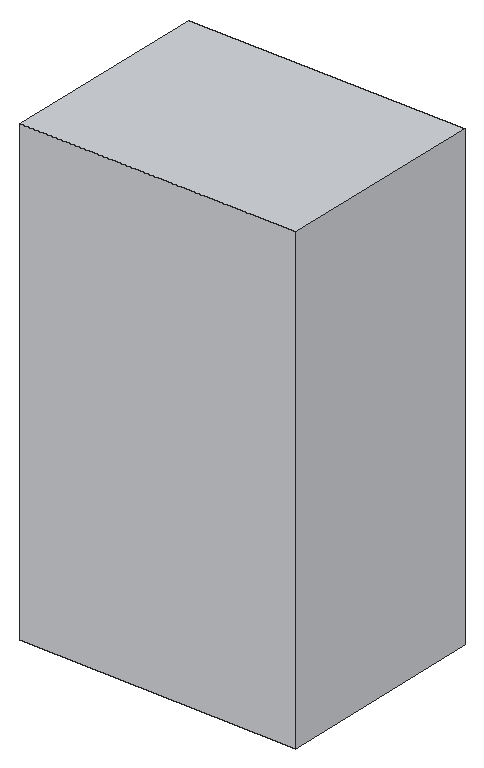
Revit family
Parameters
  Warranty Duration (Years) = 0
  Unit Length [instance] = 1' - 6"
  Unit Depth [instance] = 0' - 6"
  URL = "http://www.americanspecialties.com/viewCategories.cfm"
  Test Data = ""
  Specification = "http://www.arcat.com/sdspecs/htm/10810asi.htm"
  SpecWizard = ""
  Body Material = Metal - Stainless Steel
  Send Message = "http://www.arcat.com/users.pl?action=UserEmail&company=American%20Specialties,%20Inc.&coid=30448&rep=139&fax=914-476-0688&mf="
  Sales Information = "http://www.americanspecialties.com/contact"
  Revision = "R1_10-2010"
  Product Properties = "http://www.americanspecialties.com/datasheets/0690.pdf"
  Product Data = "http://www.arcat.com/arcatcos/cos30/arc30448.html"
  Model = "As Specified in 10 28 13"
  Manufacturer Website = "http://www.americanspecialties.com/viewCategories.cfm"
  Manufacturer Phone - Toll Free = ""
  Manufacturer Phone = "914-476-9000 "
  Manufacturer Fax = "914-476-0688"
  Manufacturer Address = "441 Saw Mill River Rd., Yonkers, NY 10701"
  Manufacturer = "American Specialties, Inc."
  Maintenance Schedule (Months) = 0
  Keynote = "10 28 13"
  Installation-Fabrication = "http://www.americanspecialties.com/products.cfm"
  Green Building-LEED = ""
  Expected Lifespan (Years) = 0
  Drawn By = "Robert S. Weygant. CSI, CDT, SCIP"  # constant formula
  Description = "Toilet Accessory as Specified in 10 28 13"
  Default Elevation = 4' - 0"
  Copyright = "©Arcat Inc."
  Construction Details = "http://www.arcat.com/green/clients/leed_data_30448.html"
  Building Codes = "http://www.americanspecialties.com/products.cfm"
  Assembly Code = "C1030210"
Reference planes (in)
  plane 1 "Center (Front/Back)": y = -0.29112
  plane 2 "Floor Line": z = 0
  plane 3 "Center (Left/Right)": x = -0.65843
  plane 4: x = -9.65843
  plane 5: x = -9.22093
  plane 6: x = -8.97093
  plane 7: x = 8.34157
  plane 8: x = 7.90407
  plane 9: x = 7.65407
  plane 10: z = 0.4375
  plane 11: z = 0
  plane 12: z = 0.6875
  plane 13: z = 5.3125
  plane 14: z = 5.5625
  plane 15: z = 6
Forms (in)
  Extrusion 1, solid
    sketch origin (-3, -9, -6) x (0, 0, -1) y (1, 0, 0)
      loop
        line (-82, 26) -> (-82, -19.34712) -> (-6, -19.34712) -> (-6, 26) -> (-82, 26)
    from 9 to -25.60721
  Extrusion 2, solid, material "Metal - Stainless Steel" <- "Body Material"
    sketch origin (-0.65843, 0.36513, 2.48171) x (0, 0, -1) y (0, 1, 0)
      loop
        line (2.48171, 0) -> (-3.51829, 0) -> (-3.51829, -0.61309) -> (2.48171, -1.3125) -> (2.48171, 0)
    from -9 to 9
  SweptBlend 3, void
    path origin (0, -0.82237, 3) x (1, 0, 0) y (0, 1, 0)
      loop
        line (-0.65843, 1.1875) -> (-0.65843, 0.9375)
    profile origin (-0.65843, 0.36513, 3) x (1, 0, 0) y (0, 0, 1)
      loop
        line (-8.5625, -2.5625) -> (8.5625, -2.5625) -> (8.5625, 2.5625) -> (-8.5625, 2.5625) -> (-8.5625, -2.5625)
    end profile origin (-0.65843, 0.11513, 3) x (1, 0, 0) y (0, 0, 1)
      loop
        line (-8.3125, -2.3125) -> (8.3125, -2.3125) -> (8.3125, 2.3125) -> (-8.3125, 2.3125) -> (-8.3125, -2.3125)
  Extrusion 4, void
    sketch origin (0, -0.94737, 3) x (1, 0, 0) y (0, 1, 0)
      loop
        circle (-8.28343, 1) r 0.125
      loop
        circle (-0.65843, 0.5) r 0.125
      loop
        circle (6.96657, 1) r 0.125
    from -3 to -2.5625
Cuts and joins
  SweptBlend 3, Extrusion 4 cuts Extrusion 2
Dimensions and locks (in)
  equal spacing: plane 7, plane 3 "Center (Left/Right)", plane 4
  "Unit Length": plane 7 to plane 4
  locked: plane 6 to plane 4 at 0.6875
  locked: plane 5 to plane 4 at 0.4375
  locked: plane 9 to plane 7 at 0.6875
  locked: plane 8 to plane 7 at 0.4375
  locked: plane 4 to Extrusion 4 sketch curve at 1.375
  locked: Extrusion 4 sketch curve to plane 7 at 1.375
  "Unit Depth": plane 15 to level
  locked: plane 10 to level at 0.4375
  locked: plane 15 to plane 14 at 0.4375
  locked: plane 15 to plane 13 at 0.6875
  aligned and locked: Extrusion 4 to Extrusion 2
  aligned and locked: SweptBlend 3 sketch curve to plane 6
  aligned and locked: SweptBlend 3 sketch curve to plane 9
  aligned and locked: SweptBlend 3 sketch curve to plane 8
  aligned and locked: SweptBlend 3 sketch curve to plane 5
  aligned and locked: plane 13 to SweptBlend 3 sketch curve
  aligned and locked: SweptBlend 3 sketch curve to plane 12
  aligned and locked: plane 14 to SweptBlend 3 sketch curve
  aligned and locked: SweptBlend 3 sketch curve to plane 10
  aligned and locked: cut or joined group of Extrusion 2, SweptBlend 3, Extrusion 4 to plane 4
  aligned and locked: cut or joined group of Extrusion 2, SweptBlend 3, Extrusion 4 to plane 7
  aligned and locked: plane 15 to cut or joined group of Extrusion 2, SweptBlend 3, Extrusion 4
  aligned and locked: cut or joined group of Extrusion 2, SweptBlend 3, Extrusion 4 to level
Automatic sketch dimensions
  Extrusion 1 sketch curve to Extrusion 1 sketch curve = 6' - 4"
  Extrusion 1 sketch curve to Extrusion 1 sketch curve = 3' - 9.34712"
  Extrusion 2 sketch curve to plane 15 = 0' - 0"
  Extrusion 2 sketch curve to level = 0' - 0"
  plane 1 "Center (Front/Back)" to Extrusion 2 sketch curve = 0' - 0 21/32"
  Extrusion 2 sketch curve to plane 1 "Center (Front/Back)" = 0' - 0.04316"
  Extrusion 2 sketch curve to Extrusion 2 sketch curve = 0' - 0.61309"
  SweptBlend 3 sketch curve to plane 3 "Center (Left/Right)" = 0' - 0"
  SweptBlend 3 sketch curve to plane 1 "Center (Front/Back)" = 0' - 0 13/32"
  SweptBlend 3 sketch curve to SweptBlend 3 sketch curve = 0' - 0 1/4"
  Extrusion 4 sketch curve to plane 3 "Center (Left/Right)" = 0' - 0"
  Extrusion 4 sketch curve to plane 1 "Center (Front/Back)" = 0' - 0 11/32"  (x2)
  plane 1 "Center (Front/Back)" to Extrusion 4 sketch curve = 0' - 0 5/32"
  radius of Extrusion 4 sketch curve = 0' - 0 1/8"  (x3)
